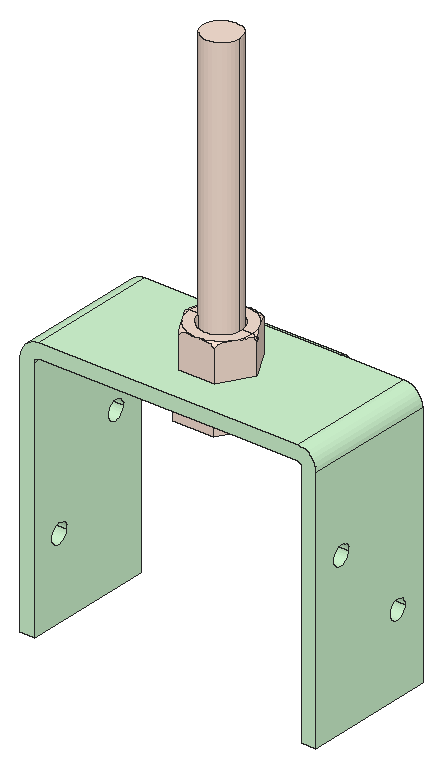
Revit family "キャッチャーボルト60幅", category 機械設備, Revit 2022
Family settings
  丸型コネクタ寸法 = 直径を使用
  種別 = なし
  パーツ タイプ = 標準
  作業面ベース = いいえ
  常に垂直 = はい
  ロード時にボイドで切り取り = いいえ
  注釈の向きを維持 = いいえ
  共有 = いいえ
  部屋計算ポイント = いいえ
Parameters
  製造元 = "株式会社桐井製作所"
  既定の高さ = 0 mm
  URL = "https://www.kirii.co.jp/"
  K_品名 = "キャッチャーボルト60幅"
  K_名称 = "斜め部材(ブレース)上部取付金具"
  K_備考 = "受注生産品"
  K_バージョン情報 = "20250901"
Reference planes
  plane 1 "中心(正面/背面)": y = 0
  plane 2: z = 0
  plane 3 "中心(左/右)": x = 0
Forms (mm)
  Extrusion 1, void
    sketch origin (0, 0, 0) x (1, 0, 0) y (0, 0, 1)
      loop
        circle (8, 50.787) r 2.25
      loop
        circle (-8, 50.743) r 2.25
    from 0 to -3.2
  Extrusion 2, solid
    sketch origin (0, 0, -5) x (0, 1, 0) y (0, 0, 1)
      loop
        line (0, 65) -> (0, 42.763) -> (3.2, 42.763) -> (3.2, 60.921)
        arc (3.2, 60.921) -> (2.305, 63.513) -> (0, 65) r 4.2
    from 15 to -15
  Extrusion 3, solid
    sketch origin (4.271, 0, -25.761) x (1, 0, 0) y (0, 0, 1)
      loop
        line (24.979, 85.761) -> (-33.521, 85.761)
        arc (-33.521, 85.761) -> (-36.491, 84.531) -> (-37.721, 81.561) r 4.2
        line (-37.721, 81.561) -> (-37.721, 25.761) -> (-34.542, 25.761) -> (-34.542, 81.561)
        arc (-34.542, 81.561) -> (-34.249, 82.268) -> (-33.542, 82.561) r 1
        line (-33.542, 82.561) -> (-14.521, 82.561) -> (15.479, 82.561) -> (24.979, 82.561)
        arc (24.979, 82.561) -> (25.686, 82.268) -> (25.979, 81.561) r 1
        line (25.979, 81.561) -> (25.979, 25.761) -> (29.179, 25.761) -> (29.179, 81.561)
        arc (29.179, 81.561) -> (27.949, 84.531) -> (24.979, 85.761) r 4.2
    from 0 to 30
  Extrusion 4, void
    sketch origin (0, -5, 52.1) x (1, 0, 0) y (0, 1, 0)
      loop
        circle (0, -10) r 4.5
    from 4.7 to 7.9
  Extrusion 5, void
    sketch origin (0, -30, 0) x (0, -1, 0) y (0, 0, -1)
      loop
        circle (-7, -36) r 2.25
      loop
        circle (-23, -18) r 2.25
    from 33.45 to 30.25
  Extrusion 6, void
    sketch origin (0, 0, 0) x (0, 1, 0) y (0, 0, 1)
      loop
        circle (-7, 36) r 2.25
      loop
        circle (-23, 18) r 2.25
    from -30.25 to -33.45
Cuts and joins
  Extrusion 1, Extrusion 5, Extrusion 6 cuts Extrusion 2
  Extrusion 4, Extrusion 5, Extrusion 6 cuts Extrusion 3
  joined: Extrusion 2, Extrusion 3
Dimensions and locks
  aligned and locked: level to plane 2
Nested families
  nested 1: "ナット" at (0, -15, 60) x (-1, 0, 0) z (0, 0, 1), type "ナット"
  nested 2: "M10×70ボルト" at (0, -15, 49.8) x (1, 0, 0) z (0, 1, 0), type "M10×70ボルト"
Definition of nested family "ナット"
  Parameters (values of type "ナット")
    Default Elevation = 1219.2 mm
  Reference planes
    plane 1 "中心(正面/背面)": y = 0
    plane 2: z = 0
    plane 3 "中心(左/右)": x = 0
  Forms (mm)
    Extrusion 1, solid
      sketch origin (0, 0, 0) x (1, 0, 0) y (0, 1, 0)
        loop
          line (-55, 45) -> (-55, -45.273) -> (55.986, -45.273) -> (55.986, 45) -> (-55, 45)
      from 0 to -304.8
    Revolve 2, solid
      sketch origin (0, 0, 2.36) x (1, 0, 0) y (0, 0, 1)
        loop
          arc (8.083, 4.64) -> (7.781, 5.356) -> (7.057, 5.64) r 1
          line (7.057, 5.64) -> (4.765, 5.64) -> (4.765, -2.36) -> (8.083, -2.36) -> (8.083, 4.64)
        axis (0, 5.64) -> (0, -2.36)
      angle from 0 to 360
    Extrusion 3, void
      sketch origin (0, 0, 0) x (1, 0, 0) y (0, 1, 0)
        loop
          line (8.083, 0) -> (4.041, 7) -> (-4.041, 7) -> (-8.083, 0) -> (-4.041, -7) -> (4.041, -7) -> (8.083, 0)
        loop
          circle (0, 0) r 8.42
      from 0 to 8.277
  Cuts and joins
    Extrusion 3 cuts Revolve 2
  Dimensions and locks
    aligned and locked: plane 2 to Extrusion 1
    aligned and locked: level to Extrusion 1
Definition of nested family "M10×70ボルト"
  Parameters (values of type "M10×70ボルト")
    Manufacturer = "株式会社桐井製作所"
    Default Elevation = 0 mm
    URL = "https://www.kirii.co.jp/"
    K_材料規格 = "M10×L60"
    K_品名 = "M10×60ボルト"
    K_名称 = "M10×60ボルト"
    K_備考 = "KIRIIアングルクランプ付属品"
  Reference planes
    plane 1 "中心(正面/背面)": y = 0
    plane 2: z = 0
    plane 3 "中心(左/右)": x = 0
    plane 4: x = 8
    plane 5: x = -8
    plane 6 "正面": y = -7
    plane 7: z = 8
    plane 8: z = -8
  Forms (mm)
    Extrusion 1, solid
      sketch origin (0, 0, 0) x (1, 0, 0) y (0, 0, 1)
        loop
          line (-4.619, 8) -> (-9.238, 0) -> (-4.619, -8) -> (4.619, -8) -> (9.238, 0) -> (4.619, 8) -> (-4.619, 8)
      from 0 to 7
    Extrusion 2, solid
      sketch origin (0, 0, 25.676) x (1, 0, 0) y (0, 0, 1)
        loop
          circle (0, -25.676) r 4.1
      from 7 to 77
  Cuts and joins
    joined: Extrusion 1, Extrusion 2
  Lines and regions (mm)
    model lines
      curve 1: circle (0, 0, 0) r 8 normal (0, -1, 0)
  Dimensions and locks
    aligned and locked: level to plane 2
